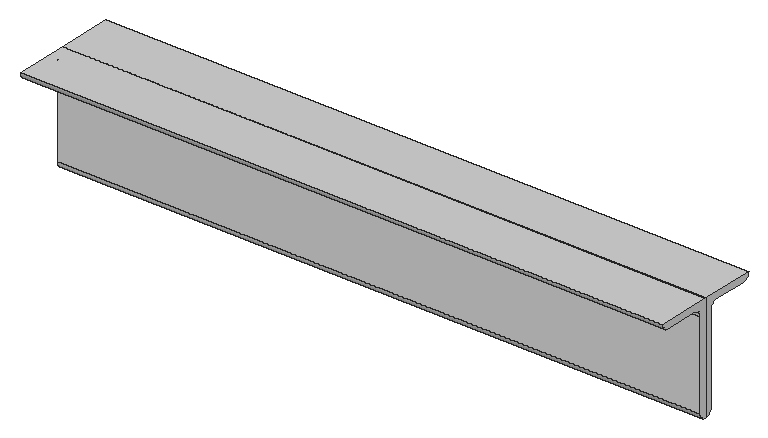
Revit family
Parameters (values of type "2L8X4X1/2LLBB")
  Start Extension Calculation [instance] = 10' 0 1/2" + Start Extension  # 10' - 0"
  Start Extension [instance] = -0' - 0 1/2"
  End Extension Calculation [instance] = 10' 0 1/2" + End Extension  # 10' - 0"
  End Extension [instance] = -0' - 0 1/2"
  Beam Material [instance] = Metal - Steel - ASTM A36
  A = 11.60 in²
  Assembly Code = "B10"
  Legs = "LLBB"
  Length [instance] = 5' - 0"
  Space = 0' - 0"
  W = 39.5
  b = 0' - 4"
  d = 0' - 8"
  t = 0' - 0 1/2"
  y = 0' - 2 215/256"
Types (2): name | A | Legs | W | b | t | y
  2L8X8X1 | 30.20 in² | "Equal" | 103 | 0' - 8" | 0' - 1" | 0' - 2 23/64"
  2L8X4X1/2LLBB | 11.60 in² | "LLBB" | 39.5 | 0' - 4" | 0' - 0 1/2" | 0' - 2 215/256"
Reference planes (in)
  plane 1 "Center (Front/Back)": y = 0
  plane 2: z = 0
  plane 3 "Center (Left/Right)": x = 0.1815
  plane 4 "Member Left": x = -23.8185
  plane 5 "Member Right": x = 24.1815
  plane 6: y = 4
  plane 7: y = -4
  plane 8 "Top": z = 2.83984
  plane 9: z = -5.16016
  plane 10: y = 0
  plane 11: y = 0
  plane 12 "Left": x = -29.8185
  plane 13 "Right": x = 30.1815
  plane 14: x = -23.8185
  plane 15: x = 24.1815
  plane 16: x = 96.1815
  plane 17: x = -95.8185
Forms (in)
  Sweep 1, solid, material "Metal - Steel - ASTM A36" <- "Beam Material", detail levels fine
    path origin (0, 0, 0) x (1, 0, 0) y (0, 1, 0)
      loop
        line (24.1815, 0) -> (-23.8185, 0)
    profile "2L-Angle-Profile-Fine : 2L-Angle-Profile-Fine" origin (0.1815, 0, 0) x (0, -1, 0) y (0, 0, 1)
      loop
        arc (0, -5.16016) -> (0.35355, -5.01371) -> (0.5, -4.66016) r 0.5
        line (0.5, -4.66016) -> (0.5, 1.83984)
        arc (0.5, 1.83984) -> (0.64645, 2.1934) -> (1, 2.33984) r 0.5
        line (1, 2.33984) -> (3.5, 2.33984)
        arc (3.5, 2.33984) -> (3.85355, 2.48629) -> (4, 2.83984) r 0.5
        line (4, 2.83984) -> (0, 2.83984) -> (0, -5.16016)
  Sweep 2, solid, material "Metal - Steel - ASTM A36" <- "Beam Material", detail levels fine
    path origin (0, 0, 0) x (1, 0, 0) y (0, 1, 0)
      loop
        line (24.1815, 0) -> (-23.8185, 0)
    profile "2L-Angle-Profile-Fine : 2L-Angle-Profile-Fine" origin (0.1815, 0, 0) x (0, -1, 0) y (0, 0, 1)
      loop
        line (0, -5.16016) -> (0, 2.83984) -> (-4, 2.83984)
        arc (-4, 2.83984) -> (-3.85355, 2.48629) -> (-3.5, 2.33984) r 0.5
        line (-3.5, 2.33984) -> (-1, 2.33984)
        arc (-1, 2.33984) -> (-0.64645, 2.1934) -> (-0.5, 1.83984) r 0.5
        line (-0.5, 1.83984) -> (-0.5, -4.66016)
        arc (-0.5, -4.66016) -> (-0.35355, -5.01371) -> (0, -5.16016) r 0.5
  Sweep 3, solid, material "Metal - Steel - ASTM A36" <- "Beam Material", detail levels medium
    path origin (0, 0, 0) x (1, 0, 0) y (0, 1, 0)
      loop
        line (24.1815, 0) -> (-23.8185, 0)
    profile "2L-Angle-Profile-Medium : 2L-Angle-Profile-Medium" origin (0.1815, 0, 0) x (0, -1, 0) y (0, 0, 1)
      loop
        line (0, -5.16016) -> (0.5, -5.16016) -> (0.5, 2.33984) -> (4, 2.33984) -> (4, 2.83984) -> (0, 2.83984) -> (0, -5.16016)
  Sweep 4, solid, material "Metal - Steel - ASTM A36" <- "Beam Material", detail levels medium
    path origin (0, 0, 0) x (1, 0, 0) y (0, 1, 0)
      loop
        line (24.1815, 0) -> (-23.8185, 0)
    profile "2L-Angle-Profile-Medium : 2L-Angle-Profile-Medium" origin (0.1815, 0, 0) x (0, -1, 0) y (0, 0, 1)
      loop
        line (0, -5.16016) -> (0, 2.83984) -> (-4, 2.83984) -> (-4, 2.33984) -> (-0.5, 2.33984) -> (-0.5, -5.16016) -> (0, -5.16016)
Lines and regions (in)
  symbolic lines, style "Hidden Faces", detail levels medium+fine
    curve 1: line (-23.8185, 0.5, 0) -> (24.1815, 0.5, 0)
    curve 2: line (-23.8185, -0.5, 0) -> (24.1815, -0.5, 0)
  symbolic lines, style "Stick Symbols", detail levels coarse
    curve 3: line (0.1815, 4, 2.83984) -> (0.1815, 0, 2.83984)
    curve 4: line (0.1815, 0, 2.83984) -> (0.1815, 0, -5.16016)
    curve 5: line (0.1815, 0, -5.16016) -> (0.1815, 0, 2.83984)
    curve 6: line (0.1815, 0, 2.83984) -> (0.1815, -4, 2.83984)
Dimensions and locks (in)
  "d": plane 9 to plane 8 "Top"
  "y": plane 8 "Top" to plane 2
  equal spacing: plane 10, plane 1 "Center (Front/Back)", plane 11
  "b": plane 11 to plane 7
  "b": plane 6 to plane 10
  "Space": plane 10 to plane 11
  "Length": plane 12 "Left" to plane 13 "Right"
  "t": plane 10 to curve 1
  "t": plane 11 to curve 2
  locked: plane 4 "Member Left" to plane 16 at 120
  locked: plane 17 to plane 5 "Member Right" at 120
  "End Extension Calculation": plane 17 to plane 15
  "Start Extension Calculation": plane 14 to plane 16
  aligned and locked: Sweep 1 sketch curve to plane 1 "Center (Front/Back)"
  aligned and locked: Sweep 2 sketch curve to plane 1 "Center (Front/Back)"
  aligned and locked: Sweep 3 sketch curve to plane 1 "Center (Front/Back)"
  aligned and locked: Sweep 4 sketch curve to plane 1 "Center (Front/Back)"
  aligned and locked: Sweep 4 to curve 3
  aligned and locked: curve 4 to Sweep 4
  aligned and locked: Sweep 3 to curve 5
  aligned and locked: curve 6 to Sweep 3
  aligned and locked: curve 3 to Sweep 4
  aligned and locked: Sweep 4 to curve 4
  aligned and locked: curve 5 to Sweep 3
  aligned and locked: Sweep 3 to curve 6
  aligned and locked: plane 14 to Sweep 4 sketch curve
  aligned and locked: plane 15 to Sweep 4 sketch curve
  aligned and locked: plane 14 to Sweep 3 sketch curve
  aligned and locked: plane 15 to Sweep 3 sketch curve
  aligned and locked: plane 14 to Sweep 1 sketch curve
  aligned and locked: plane 15 to Sweep 1 sketch curve
  aligned and locked: plane 14 to Sweep 2 sketch curve
  aligned and locked: plane 15 to Sweep 2 sketch curve
  aligned and locked: plane 14 to curve 1
  aligned and locked: plane 14 to curve 2
  aligned and locked: plane 15 to curve 1
  aligned and locked: plane 15 to curve 2
